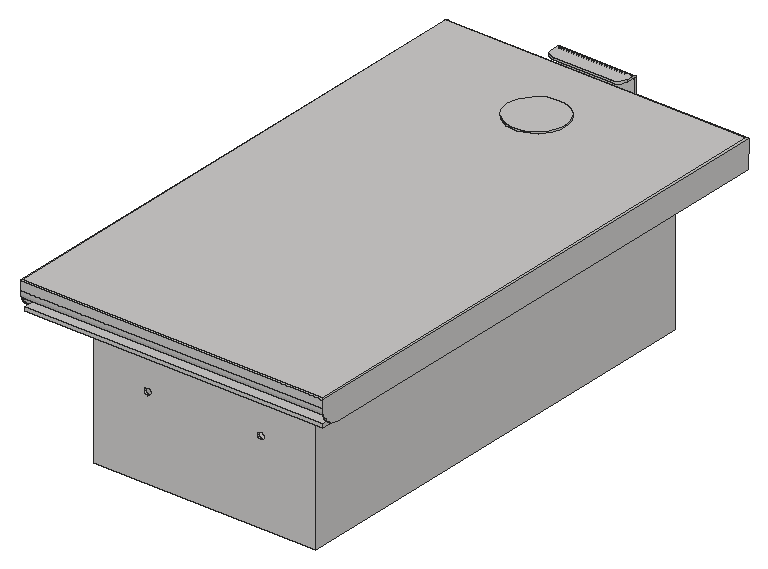
Revit family "xSanitary_Napkin_Disposal-Bobrick-TrimLineSeries-B-3513", category Specialty Equipment, host Face, Revit 2014
Parameters (values of type "B-3513")
  Width = 8"
  Warranty Information = "1 Year Limited Warranty"
  URL = "http://bobrick.com/"
  Type Comments = ""
  Specification = "Recessed sanitary napkin disposal shall be Type-304 stainless steel with all-welded construction; exposed surfaces shall have satin fi nish. Door shall be Type-304, 20-gauge (0.9mm) stainless steel with satin-fi nish. Secured to cabinet with two rivets and equipped with a magnet catch and cable door-swing limiter. Waste receptacle shall be Type-304, heavy-gauge stainless steel. All-welded construction with a capacity of 0.6-gal. (2.3-L)."
  Product Page URL = "http://bobrick.com/washroomaccessories/Pages/ProductDetails.aspx?Product+Number=B-3513"
  Product Documentation Link = "http://bobrick.com/Documents/B-3513_td.pdf"
  Price = "Prices may vary. Please consult Manufacturer Representative for most up-to-date price list."  # constant formula
  Model = "B-3513"
  Material = "Stainless Steel-Bobrick-Type 304-Satin"
  Manufacturer = "Bobrick Washroom Equipment, Inc."
  Length = 4 7/16"
  Installation Type = "Recessed"
  Height = 14 1/16"
  Description = "TrimLineSeries™ Recessed Sanitary Napkin Disposal"
  Default Elevation = 30"
  Creation Date = "05/26/2017"
  Assembly Code = "E1090900"
  ADA Compliant = yes
Reference planes (in)
  plane 1 "Center (Front/Back)": y = 0
  plane 2: z = 0
  plane 3 "Center (Left/Right)": x = 0
  plane 4: y = -11.875
  plane 5: y = -5.9375
  plane 6: y = 1.09375
  plane 7: y = -12.96875
  plane 8: x = 4
  plane 9: x = -4
  plane 10: y = -0.90946
  plane 11: x = 2.9375
  plane 12: x = -2.9375
  plane 13: z = -3.6875
  plane 14: z = 0.75
  plane 15: z = 1.1875
  plane 16: x = -1.5
  plane 17: x = 1.5
  plane 18: z = -1.5
Forms (in)
  Sweep 1, solid, material "Stainless Steel-Bobrick-Type 304-Satin"
    path origin (-15.35502, 16.86054, 0) x (1, 0, 0) y (0, 1, 0)
      loop
        line (11.35502, -15.76679) -> (11.35502, -29.82929) -> (19.35502, -29.82929) -> (19.35502, -15.76679) -> (11.35502, -15.76679)
    profile origin (0, 1.09375, 0) x (0, 1, 0) y (0, 0, 1)
      loop
        line (0, 0) -> (0, 0.71875)
        arc (0, 0.71875) -> (-0.00915, 0.74085) -> (-0.03125, 0.75) r 0.03125
        line (-0.03125, 0.75) -> (-0.03125, 0) -> (0, 0)
  Extrusion 2, solid, material "Stainless Steel-Bobrick-Type 304-Satin"
    sketch origin (0, 1.1075, -3.73557) x (0, 1, 0) y (0, 0, 1)
      loop
        line (-0.50649, 4.92307) -> (-0.50649, 4.87527) -> (-0.06408, 4.87527)
        arc (-0.06408, 4.87527) -> (-0.02905, 4.86076) -> (-0.01454, 4.82573) r 0.04954
        line (-0.01454, 4.82573) -> (-0.01454, 3.82825) -> (0.03326, 3.82825) -> (0.03326, 4.8253)
        arc (0.03326, 4.8253) -> (0.00463, 4.89443) -> (-0.06451, 4.92307) r 0.09778
        line (-0.06451, 4.92307) -> (-0.50649, 4.92307)
    from -1 to 1
  Extrusion 3, solid, material "Stainless Steel-Bobrick-Type 304-Satin"
    sketch origin (-5.00861, 1.09054, 0.75) x (1, 0, 0) y (0, 1, 0)
      loop
        circle (5.00861, -2) r 0.75
    from 0 to 0.03125
  Extrusion 4, solid, material "Stainless Steel-Bobrick-Type 304-Satin"
    sketch origin (-15.35502, 16.86054, -3.57274) x (1, 0, 0) y (0, 1, 0)
      loop
        line (11.38627, -15.79804) -> (11.38627, -29.79804) -> (19.32377, -29.79804) -> (19.32377, -15.79804) -> (11.38627, -15.79804)
    from 4.29149 to 4.32274
  Extrusion 5, void
    sketch origin (0, 1.3575, -3.73557) x (1, 0, 0) y (0, 1, 0)
      loop
        line (-1, -0.75649) -> (-0.75, -0.75649)
        arc (-0.75, -0.75649) -> (-0.92678, -0.68327) -> (-1, -0.50649) r 0.25
        line (-1, -0.50649) -> (-1, -0.75649)
      loop
        line (1, -0.75649) -> (1, -0.50649)
        arc (1, -0.50649) -> (0.92678, -0.68327) -> (0.75, -0.75649) r 0.25
        line (0.75, -0.75649) -> (1, -0.75649)
    from 4.87527 to 4.92307
  Extrusion 6, solid, material "Stainless Steel-Bobrick-Type 304-Satin"
    sketch origin (-15.35502, 16.86054, -3.6875) x (1, 0, 0) y (0, 1, 0)
      loop
        line (18.29252, -28.73554) -> (18.29252, -16.86054) -> (12.41752, -16.86054) -> (12.41752, -28.73554) -> (18.29252, -28.73554)
    from 0 to 0.032
  Extrusion 7, solid, material "Stainless Steel-Bobrick-Type 304-Satin"
    sketch origin (0, 0, 0) x (1, 0, 0) y (0, 1, 0)
      loop
        line (-2.9375, 0) -> (-2.9375, -11.875) -> (2.9375, -11.875) -> (2.9375, 0) -> (-2.9375, 0)
      loop
        line (-2.90625, -0.03125) -> (-2.90625, -11.84375) -> (2.90625, -11.84375) -> (2.90625, -0.03125) -> (-2.90625, -0.03125)
    from -3.6875 to 0
  Extrusion 8, void
    sketch origin (18.21932, 0, 12.43967) x (0, 0, -1) y (0, -1, 0)
      loop
        line (12.43967, 12.46875) -> (12.43967, 12.96875) -> (11.93967, 12.96875)
        arc (11.93967, 12.96875) -> (12.29322, 12.8223) -> (12.43967, 12.46875) r 0.5
    from 13.72867 to 22.71932
  Extrusion 9, solid, material "Stainless Steel-Bobrick-Type 304-Satin"
    sketch origin (-15.35502, 16.86054, -4.29149) x (1, 0, 0) y (0, 1, 0)
      loop
        line (11.41752, -15.86054) -> (11.41752, -29.75947) -> (19.29252, -29.75947) -> (19.29252, -15.86054) -> (11.41752, -15.86054)
      loop
        line (12.44877, -16.89179) -> (12.44877, -28.70429) -> (18.26127, -28.70429) -> (18.26127, -16.89179) -> (12.44877, -16.89179)
    from 4.29149 to 4.38417
  Extrusion 10, void
    sketch origin (0, 0, 0) x (1, 0, 0) y (0, 0, 1)
      loop
        circle (1.5, -1.5) r 0.09375
      loop
        circle (-1.5, -1.5) r 0.09375
    from 0 to 11.875
Cuts and joins
  Extrusion 5, Extrusion 10 cuts Extrusion 2
  Extrusion 10 cuts Extrusion 6
  Extrusion 10 cuts Extrusion 7
  Extrusion 10 cuts Extrusion 9
  joined: Extrusion 2, Extrusion 6, Extrusion 7, Extrusion 9
  Extrusion 8 cuts Sweep 1
  joined: Sweep 1, Extrusion 3, Extrusion 4
Lines and regions (in)
  Masking region 1
    outline origin (0, 0, 0) x (1, 0, 0) y (0, 0, 1)
      loop
        line (-1, 1.1875) -> (-1, 0.75) -> (-3.968, 0.75)
        arc (-3.968, 0.75) -> (-3.99063, 0.74063) -> (-4, 0.718) r 0.032
        line (-4, 0.718) -> (-4, 0) -> (-2.9375, 0) -> (-2.9375, -3.6875) -> (2.9375, -3.6875) -> (2.9375, 0) -> (4, 0) -> (4, 0.718)
        arc (4, 0.718) -> (3.99063, 0.74063) -> (3.968, 0.75) r 0.032
        line (3.968, 0.75) -> (1, 0.75) -> (1, 1.1875) -> (-1, 1.1875)
  symbolic lines, detail levels medium+fine
    curve 1: line (2.9375, 0, 0) -> (-2.9375, 0, 0)
    curve 2: line (1, 0, 0.75) -> (1, 0, 0.09268)
    curve 3: line (1, 0, 0.09268) -> (-1, 0, 0.09268)
    curve 4: line (-1, 0, 0.09268) -> (-1, 0, 0.75)
  symbolic lines, detail levels fine
    curve 5: circle (1.5, 0, -1.5) r 0.09375 normal (0, -1, 0)
    curve 6: circle (-1.5, 0, -1.5) r 0.09375 normal (0, -1, 0)
Dimensions and locks (in)
  plane 14 to plane 15 = 7/16"
  host face to plane 13 = 3 11/16"
  "Length": plane 13 to plane 14
  "Width": plane 9 to plane 8
  plane 12 to plane 11 = 5 7/8"
  "Height": plane 7 to plane 6
  plane 4 to plane 1 "Center (Front/Back)" = 11 7/8"
  plane 13 to plane 18 = 2 3/16"
  aligned and locked: plane 2 to host face
  aligned and locked: level to host face
Automatic sketch dimensions
  host sketch curve to host sketch curve = 96"  (x2)
  plane 7 to Sweep 1 sketch curve = 0"
  Sweep 1 sketch curve to plane 9 = 0"
  Sweep 1 sketch curve to plane 8 = 0"
  plane 6 to Sweep 1 sketch curve = 0"
  Sweep 1 sketch curve to profile plane = 0"  (x2)
  profile plane to Sweep 1 sketch curve = 1/32"
  profile plane to Sweep 1 sketch curve = 23/32"
  plane 15 to Extrusion 2 sketch curve = 0"
  plane 15 to Extrusion 2 sketch curve = 0.0478"
  plane 6 to Extrusion 2 sketch curve = 0.49275"
  plane 6 to Extrusion 2 sketch curve = 13/256"
  Extrusion 2 sketch curve to Extrusion 2 sketch curve = 0.00044"
  plane 6 to Extrusion 2 sketch curve = 0.00079"
  Extrusion 2 sketch curve to plane 6 = 0.04701"
  level to Extrusion 2 sketch curve = 0.09268"
  Extrusion 3 sketch curve to plane 3 "Center (Left/Right)" = 0"
  Extrusion 3 sketch curve to plane 10 = 0"
  plane 9 to Extrusion 4 sketch curve = 1/32"
  Extrusion 4 sketch curve to plane 8 = 1/32"
  Extrusion 4 sketch curve to plane 7 = 1/32"
  plane 6 to Extrusion 4 sketch curve = 1/32"
  plane 6 to Extrusion 5 sketch curve = 0.49275"
  Extrusion 5 sketch curve to plane 3 "Center (Left/Right)" = 1"
  Extrusion 5 sketch curve to Extrusion 5 sketch curve = 1/4"  (x3)
  plane 6 to Extrusion 5 sketch curve = 0.24275"  (x2)
  plane 3 "Center (Left/Right)" to Extrusion 5 sketch curve = 3/4"
  Extrusion 5 sketch curve to Extrusion 5 sketch curve = 0"  (x6)
  plane 4 to Extrusion 6 sketch curve = 0"
  Extrusion 6 sketch curve to plane 12 = 0"
  Extrusion 6 sketch curve to plane 11 = 0"
  plane 1 "Center (Front/Back)" to Extrusion 6 sketch curve = 0"
  plane 4 to Extrusion 7 sketch curve = 0"
  Extrusion 7 sketch curve to plane 12 = 0"
  plane 1 "Center (Front/Back)" to Extrusion 7 sketch curve = 0"
  Extrusion 7 sketch curve to plane 11 = 0"
  plane 12 to Extrusion 7 sketch curve = 1/32"
  Extrusion 7 sketch curve to plane 11 = 1/32"
  Extrusion 7 sketch curve to plane 4 = 1/32"
  plane 1 "Center (Front/Back)" to Extrusion 7 sketch curve = 1/32"
  Extrusion 8 sketch curve to plane 7 = 0"
  Extrusion 8 sketch curve to level = 0"
  plane 14 to Extrusion 8 sketch curve = 1/4"
  plane 9 to Extrusion 9 sketch curve = 1/16"
  plane 12 to Extrusion 9 sketch curve = 1/32"
  Extrusion 9 sketch curve to plane 11 = 1/32"
  Extrusion 9 sketch curve to plane 8 = 1/16"
  Extrusion 9 sketch curve to plane 7 = 0.06982"
  Extrusion 9 sketch curve to plane 4 = 1/32"
  plane 1 "Center (Front/Back)" to Extrusion 9 sketch curve = 1/32"
  plane 6 to Extrusion 9 sketch curve = 3/32"
  Extrusion 10 sketch curve to plane 16 = 0"
  Extrusion 10 sketch curve to plane 17 = 0"
  Extrusion 10 sketch curve to level = 1 1/2"  (x2)
  Masking region 1 sketch curve to plane 9 = 0"
  Masking region 1 sketch curve to plane 14 = 0"  (x2)
  Masking region 1 sketch curve to level = 0"  (x2)
  Masking region 1 sketch curve to plane 12 = 0"
  Masking region 1 sketch curve to plane 15 = 0"
  Masking region 1 sketch curve to plane 11 = 0"
  Masking region 1 sketch curve to plane 8 = 0"
  Masking region 1 sketch curve to plane 13 = 0"
  plane 9 to Masking region 1 sketch curve = 0.032"
  plane 16 to Masking region 1 sketch curve = 1/2"
  Masking region 1 sketch curve to plane 17 = 1/2"
  Masking region 1 sketch curve to plane 8 = 0.032"
  curve 1 to level = 0"
  curve 1 to plane 12 = 0"
  curve 4 to plane 14 = 0"
  curve 2 to plane 14 = 0"
  curve 1 to plane 11 = 0"
  level to curve 3 = 0.09268"
  curve 3 to plane 17 = 1/2"
  plane 16 to curve 4 = 1/2"
  radius of Extrusion 3 sketch curve = 3/4"
  radius of Extrusion 10 sketch curve = 3/32"  (x2)
